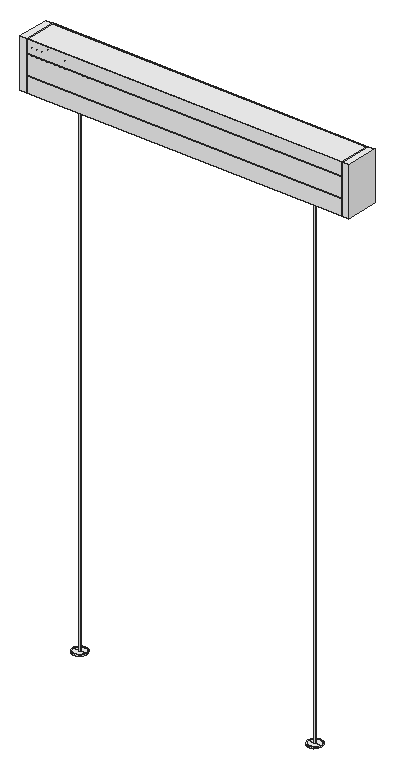
Revit family "2.3 inch  MAGIC WALL WASH LINEAR LIGHT", category Lighting Fixtures, host Face, Revit 2020 (continued)
Types (17): name | Wattage Comments | Wattage | Wall Mount | Suspenders Distance | Surface Mount | Recessed Mount | Photometric Web File | Pendent Mount | Order number | built-in parameter 1150142 | Model | built-in parameter 1150105 | Lumens | Light Source Height | Light Source Distance | built-in parameter 1150106 | Fixture Length
    1.30   \r\n 938.62   926.04   913.42   900.83   888.35   876.37   864.53   852.78   841.41   830.14   \r\n 819.06   808.41   797.83   787.39   777.13   766.95   756.92   747.08   737.30   727.84   \r\n 718.70   709.63   700.52   691.34   681.99   671.53   661.38   651.29   641.29   631.40   \r\n 621.61   611.88   602.18   592.58   583.18   574.22   565.32   556.50   547.71   539.00   \r\n 530.35   521.79   513.31   504.91   496.57   488.25   480.00   471.82   464.20   456.65   \r\n 449.17   441.56   433.83   426.17   418.58   410.89   402.70   394.58   386.51   378.41   \r\n 370.38   362.42   354.54   346.72   338.96   331.28   323.68   316.17   308.72   301.32   \r\n 293.99   286.76   279.60   272.50   265.46   258.50   251.62   244.79   238.00   231.27   \r\n 224.53   217.79   211.11   204.48   197.90   191.38   184.96   178.62   172.31   166.03   \r\n 159.79   153.58   147.40   141.22   135.07   128.96   122.89   116.84   110.83   104.85   \r\n 98.89    93.70    89.14    84.60    80.07    75.56    71.06    66.57    62.10    57.64    \r\n 53.18    48.74    44.31    39.88    35.46    31.04    26.63    22.22    17.81    13.40    \r\n 9.00     8.57     8.15     7.72     7.29     6.87     6.44     6.01     5.59     5.17     \r\n 4.74     4.32     3.90     3.48     3.07     2.66     2.25     1.84     1.43     1.03     \r\n 0.83     0.87     0.91     0.95     0.98     1.02     1.06     1.10     1.14     1.18     \r\n 1.22     1.26     1.30     1.34     1.38     1.42     1.46     1.51     1.55     1.59     \r\n 1.63     1.68     1.72     1.77     1.81     1.86     1.90     1.94     1.99     2.03     \r\n 2.08     2.12     2.17     2.22     2.27     2.32     2.37     2.42     2.47     2.51     \r\n 2.56     2.60     2.65     2.70     2.75     2.79     2.84     2.89     2.93     2.98     \r\n 3.02     3.06     3.11     3.15     3.20     3.24     3.29     3.33     3.37     3.41     \r\n 3.46     3.50     3.54     3.58     3.63     3.67     3.71     3.75     3.79     3.83     \r\n 3.87     3.90     3.94     3.98     4.02     4.06     4.09     4.12     4.14     4.16     \r\n 4.18     4.20     4.22     4.24     4.26     4.28     4.30     4.32     4.33     4.35     \r\n 4.36     4.38     4.39     4.40     4.42     4.43     4.45     4.46     4.47     4.49     \r\n 4.50     4.52     4.53     4.54     4.56     4.57     4.58     4.59     4.61     4.62     \r\n 4.63     4.64     4.65     4.66     4.67     4.67     4.67     4.66     4.66     4.65     \r\n 4.64     4.64     4.63     4.62     4.61     4.60     4.59     4.58     4.57     4.56     \r\n 4.55     4.54     4.53     4.52     4.50     4.49     4.47     4.46     4.45     4.44     \r\n 4.42     4.41     4.39     4.37     4.35     4.34     4.32     4.31     4.29     4.26     \r\n 4.24     4.23     4.21     4.20     4.18     4.16     4.13     4.10     4.07     4.05     \r\n 4.26     \r\n1793.11  1780.58  1768.10  1755.09  1741.65  1728.26  1714.93  1701.59  1688.22  1674.87  \r\n 1661.48  1647.83  1634.16  1619.92  1605.57  1591.06  1576.19  1561.39  1546.00  1530.57  \r\n 1515.10  1499.55  1484.07  1468.03  1452.05  1436.17  1420.32  1404.45  1388.13  1371.88  \r\n 1355.44  1338.85  1322.29  1305.64  1289.01  1272.86  1256.99  1241.15  1225.34  1209.58  \r\n 1194.54  1179.83  1165.07  1150.21  1135.42  1121.40  1107.76  1094.15  1080.57  1066.99  \r\n 1054.44  1039.77  1024.86  1009.61  994.49   980.22   966.58   953.04   939.35   925.76   \r\n 912.59   899.87   887.22   874.79   862.48   850.45   838.94   827.50   816.26   805.14   \r\n 794.11   783.39   772.75   762.41   752.46   742.58   732.67   722.77   712.95   703.42   \r\n 693.99   684.74   675.70   666.71   657.69   648.69   639.73   631.38   623.16   615.00   \r\n 606.86   597.86   588.36   578.89   569.51   560.26   551.14   542.09   533.35   524.91   \r\n 516.53   508.00   499.37   490.81   482.62   474.67   466.79   458.86   450.89   443.02   \r\n 435.29   427.72   420.20   412.73   405.35   398.03   390.79   383.64   376.55   369.53   \r\n 362.72   355.36   347.72   340.10   332.40   324.76   317.20   309.85   302.68   295.57   \r\n 288.52   281.38   274.26   267.21   260.23   253.40   246.66   239.98   233.37   226.83   \r\n 220.37   213.96   207.62   201.34   194.97   188.59   182.28   176.02   169.82   163.68   \r\n 157.59   151.56   145.58   139.64   133.75   127.94   122.18   116.44   110.73   105.04   \r\n 99.38    93.74    88.12    83.09    78.70    74.32    69.96    65.62    61.29    56.97    \r\n 52.66    48.37    44.08    39.81    35.54    31.27    27.01    22.76    18.51    14.25    \r\n 10.00    9.46     8.92     8.38     7.84     7.30     6.76     6.22     5.69     5.15     \r\n 4.62     4.09     3.56     3.03     2.51     1.99     1.48     0.97     0.75     0.79     \r\n 0.82     0.86     0.90     0.93     0.97     1.01     1.04     1.08     1.12     1.16     \r\n 1.20     1.24     1.28     1.32     1.37     1.41     1.45     1.49     1.54     1.58     \r\n 1.63     1.67     1.71     1.76     1.80     1.85     1.89     1.94     1.98     2.03     \r\n 2.08     2.12     2.17     2.22     2.27     2.32     2.38     2.43     2.48     2.52     \r\n 2.57     2.61     2.66     2.70     2.75     2.80     2.85     2.89     2.94     2.99     \r\n 3.04     3.09     3.13     3.18     3.22     3.27     3.32     3.36     3.41     3.45     \r\n 3.50     3.54     3.59     3.63     3.68     3.72     3.77     3.81     3.86     3.90     \r\n 3.93     3.96     3.99     4.02     4.05     4.07     4.10     4.12     4.14     4.17     \r\n 4.20     4.22     4.25     4.27     4.29     4.30     4.33     4.35     4.37     4.39     \r\n 4.41     4.43     4.44     4.46     4.47     4.49     4.50     4.52     4.53     4.55     \r\n 4.56     4.57     4.59     4.60     4.61     4.63     4.64     4.66     4.67     4.68     \r\n 4.69     4.69     4.69     4.69     4.69     4.69     4.69     4.69     4.68     4.68     \r\n 4.67     4.66     4.66     4.65     4.64     4.63     4.62     4.61     4.60     4.59     \r\n 4.58     4.57     4.55     4.54     4.53     4.52     4.50     4.48     4.47     4.46     \r\n 4.45     4.43     4.41     4.40     4.38     4.36     4.34     4.32     4.31     4.28     \r\n 4.26     4.24     4.22     4.20     4.19     4.17     4.14     4.11     4.08     4.05     \r\n 4.26     \r\n1793.11  1780.02  1766.97  1753.21  1739.14  1725.13  1711.18  1697.21  1683.17  1669.17  \r\n 1654.96  1640.66  1625.96  1610.83  1595.65  1579.94  1564.28  1548.08  1531.78  1515.39  \r\n 1498.93  1482.39  1465.34  1448.36  1431.59  1414.86  1397.76  1380.40  1363.03  1345.39  \r\n 1327.79  1310.16  1292.53  1275.33  1258.47  1241.62  1224.76  1207.95  1192.30  1176.78  \r\n 1161.00  1145.03  1129.37  1114.82  1100.28  1085.88  1071.49  1057.80  1044.91  1032.03  \r\n 1018.85  1005.65  993.42   981.55   969.62   957.55   945.51   932.89   919.47   906.13   \r\n 892.89   879.89   867.62   855.43   843.44   831.56   819.86   808.43   797.07   786.35   \r\n 775.74   765.19   754.67   744.20   733.77   723.42   713.47   703.83   694.23   684.56   \r\n 674.92   665.65   656.67   647.75   638.95   630.18   621.42   612.67   603.96   595.48   \r\n 587.06   578.85   570.97   563.15   555.11   547.03   539.06   531.56   524.12   515.60   \r\n 506.73   497.93   489.61   481.42   473.26   465.03   456.86   448.79   440.81   432.91   \r\n 425.15   417.55   410.02   402.51   395.02   387.59   380.49   373.53   366.64   359.58   \r\n 352.52   345.52   338.69   331.97   325.31   318.72   312.21   305.63   298.39   291.36   \r\n 284.37   277.41   270.21   263.09   256.06   249.15   242.38   235.72   229.15   222.70   \r\n 216.30   209.97   203.70   197.53   191.45   185.43   179.48   173.60   167.73   161.77   \r\n 155.86   149.99   144.20   138.47   132.78   127.15   121.56   116.01   110.49   105.02   \r\n 99.59    94.20    88.85    83.53    78.25    73.26    69.02    64.79    60.58    56.39    \r\n 52.21    48.04    43.89    39.75    35.61    31.49    27.37    23.25    19.14    15.03    \r\n 10.92    10.24    9.55     8.87     8.18     7.50     6.82     6.14     5.46     4.78     \r\n 4.11     3.45     2.79     2.13     1.48     0.83     0.69     0.72     0.76     0.79     \r\n 0.83     0.86     0.90     0.94     0.97     1.01     1.04     1.08     1.12     1.16     \r\n 1.20     1.23     1.27     1.31     1.35     1.40     1.44     1.48     1.52     1.56     \r\n 1.61     1.65     1.70     1.74     1.79     1.83     1.88     1.93     1.98     2.02     \r\n 2.08     2.13     2.18     2.23     2.27     2.32     2.36     2.41     2.46     2.51     \r\n 2.55     2.60     2.65     2.70     2.76     2.81     2.86     2.92     2.97     3.02     \r\n 3.06     3.11     3.16     3.20     3.25     3.30     3.35     3.40     3.45     3.50     \r\n 3.55     3.60     3.64     3.68     3.72     3.75     3.78     3.81     3.85     3.88     \r\n 3.92     3.95     3.98     4.01     4.04     4.07     4.10     4.13     4.16     4.18     \r\n 4.21     4.23     4.26     4.28     4.31     4.33     4.36     4.39     4.41     4.42     \r\n 4.44     4.47     4.49     4.51     4.54     4.55     4.56     4.57     4.59     4.60     \r\n 4.62     4.63     4.64     4.66     4.67     4.67     4.68     4.68     4.69     4.69     \r\n 4.70     4.70     4.70     4.70     4.70     4.70     4.71     4.70     4.70     4.70     \r\n 4.69     4.69     4.68     4.67     4.67     4.66     4.65     4.64     4.62     4.61     \r\n 4.60     4.59     4.58     4.57     4.55     4.54     4.53     4.51     4.49     4.47     \r\n 4.46     4.45     4.43     4.42     4.40     4.37     4.35     4.34     4.32     4.30     \r\n 4.27     4.25     4.23     4.21     4.20     4.18     4.15     4.11     4.08     4.05     \r\n 4.26     \r\n1793.11  1779.55  1766.04  1751.65  1737.05  1722.54  1708.06  1693.54  1678.95  1664.35  \r\n 1649.53  1634.70  1618.93  1603.18  1586.91  1570.52  1553.77  1536.71  1519.60  1502.33  \r\n 1485.02  1467.09  1449.21  1431.69  1414.20  1396.14  1377.85  1359.47  1340.96  1322.47  \r\n 1303.99  1285.55  1267.83  1250.13  1232.38  1214.65  1197.85  1181.68  1165.20  1148.23  \r\n 1131.52  1116.19  1100.88  1085.81  1070.75  1056.56  1042.85  1029.14  1015.37  1001.79  \r\n 989.19   976.61   963.85   951.08   938.96   927.16   915.42   903.74   892.19   881.36   \r\n 870.56   859.93   849.34   839.02   828.87   818.49   807.28   796.11   785.09   774.11   \r\n 762.95   751.79   741.10   730.97   720.86   710.67   700.51   690.78   681.19   671.72   \r\n 662.39   653.09   643.75   634.46   625.38   616.38   607.59   599.10   590.65   582.06   \r\n 573.51   565.18   557.00   548.81   540.47   532.17   524.42   516.82   509.18   501.45   \r\n 493.76   486.18   478.65   471.22   463.89   456.61   449.38   442.19   434.80   427.09   \r\n 419.44   411.62   403.81   396.10   388.55   381.07   373.67   366.34   359.06   351.97   \r\n 344.97   338.02   331.02   324.06   317.13   310.24   303.38   296.73   290.23   283.79   \r\n 277.36   270.97   264.65   258.49   252.44   245.84   239.22   232.69   226.22   219.82   \r\n 213.45   207.16   200.94   194.75   188.62   182.53   176.48   170.48   164.53   158.63   \r\n 152.84   147.22   141.66   136.14   130.65   125.24   119.89   114.59   109.33   104.12   \r\n 98.94    93.82    88.74    83.72    78.74    73.80    68.91    64.05    59.88    55.78    \r\n 51.71    47.65    43.61    39.59    35.58    31.59    27.60    23.62    19.65    15.68    \r\n 11.71    10.83    9.95     9.08     8.20     7.33     6.46     5.59     4.73     3.87     \r\n 3.03     2.18     1.35     0.60     0.63     0.66     0.69     0.72     0.76     0.79     \r\n 0.83     0.86     0.90     0.93     0.97     1.00     1.03     1.07     1.11     1.15     \r\n 1.18     1.22     1.26     1.30     1.34     1.38     1.42     1.46     1.50     1.55     \r\n 1.59     1.63     1.68     1.73     1.78     1.82     1.87     1.92     1.96     2.01     \r\n 2.06     2.11     2.15     2.20     2.25     2.30     2.36     2.41     2.46     2.51     \r\n 2.56     2.62     2.67     2.72     2.77     2.82     2.87     2.93     2.98     3.03     \r\n 3.09     3.14     3.20     3.24     3.29     3.33     3.37     3.42     3.45     3.49     \r\n 3.52     3.56     3.61     3.65     3.68     3.72     3.75     3.79     3.83     3.86     \r\n 3.90     3.93     3.97     4.01     4.04     4.08     4.11     4.14     4.17     4.20     \r\n 4.23     4.26     4.28     4.31     4.33     4.36     4.38     4.41     4.43     4.46     \r\n 4.49     4.52     4.53     4.54     4.57     4.59     4.61     4.63     4.64     4.64     \r\n 4.64     4.65     4.66     4.67     4.68     4.68     4.69     4.69     4.70     4.70     \r\n 4.70     4.71     4.71     4.71     4.72     4.72     4.72     4.72     4.72     4.71     \r\n 4.71     4.70     4.70     4.69     4.68     4.68     4.67     4.66     4.65     4.63     \r\n 4.62     4.61     4.60     4.59     4.57     4.56     4.55     4.53     4.51     4.49     \r\n 4.47     4.46     4.45     4.43     4.41     4.39     4.37     4.35     4.33     4.31     \r\n 4.29     4.26     4.24     4.22     4.20     4.18     4.16     4.12     4.08     4.05     \r\n 4.26     \r\n1793.11  1779.19  1765.31  1750.42  1735.40  1720.50  1705.62  1690.63  1675.61  1660.49  \r\n 1645.25  1629.61  1613.30  1596.86  1579.85  1562.81  1545.13  1527.48  1509.56  1491.66  \r\n 1473.11  1454.47  1436.22  1418.12  1399.44  1380.37  1361.23  1341.97  1322.75  1303.58  \r\n 1284.54  1266.13  1247.73  1229.22  1210.73  1193.84  1177.15  1159.61  1141.82  1125.13  \r\n 1109.18  1093.40  1077.82  1062.59  1048.16  1033.80  1019.58  1005.36  992.16   978.98   \r\n 965.65   952.30   939.63   927.26   915.04   902.93   891.10   879.75   868.45   857.29   \r\n 846.19   835.65   825.11   814.93   804.82   795.00   785.29   775.40   765.36   755.66   \r\n 746.63   737.61   728.52   719.43   710.71   702.03   693.58   684.04   674.28   664.52   \r\n 654.88   645.41   636.03   627.02   618.04   609.11   600.19   591.36   582.59   573.79   \r\n 564.94   556.25   548.15   540.08   531.86   523.65   515.53   507.47   499.51   491.67   \r\n 483.86   476.04   468.26   460.79   453.44   446.06   438.63   431.25   424.02   416.84   \r\n 409.78   402.77   395.80   388.85   381.95   375.26   368.62   362.01   355.44   348.69   \r\n 341.52   334.38   327.17   319.97   312.84   305.93   299.07   292.24   285.48   278.79   \r\n 272.29   265.84   259.47   253.20   246.98   240.76   234.58   228.48   222.62   216.82   \r\n 211.09   205.36   199.72   193.58   187.37   181.23   175.15   169.10   163.13   157.24   \r\n 151.50   145.88   140.33   134.85   129.41   124.03   118.72   113.49   108.38   103.29   \r\n 98.27    93.31    88.39    83.53    78.73    73.99    69.30    64.67    60.09    55.55    \r\n 51.28    47.31    43.37    39.45    35.55    31.66    27.79    23.93    20.08    16.23    \r\n 12.39    11.24    10.08    8.93     7.79     6.64     5.51     4.38     3.27     2.17     \r\n 1.08     0.58     0.60     0.63     0.66     0.68     0.71     0.74     0.77     0.80     \r\n 0.83     0.86     0.89     0.93     0.96     0.99     1.03     1.06     1.10     1.13     \r\n 1.17     1.21     1.24     1.28     1.32     1.36     1.41     1.45     1.49     1.54     \r\n 1.58     1.63     1.67     1.72     1.76     1.81     1.86     1.91     1.96     2.01     \r\n 2.06     2.11     2.16     2.21     2.26     2.32     2.37     2.42     2.47     2.52     \r\n 2.58     2.64     2.68     2.73     2.77     2.82     2.87     2.91     2.96     3.01     \r\n 3.05     3.10     3.14     3.18     3.23     3.27     3.32     3.37     3.41     3.46     \r\n 3.50     3.55     3.60     3.64     3.67     3.71     3.75     3.80     3.83     3.87     \r\n 3.90     3.94     3.97     4.01     4.05     4.08     4.12     4.16     4.20     4.23     \r\n 4.26     4.29     4.32     4.34     4.37     4.40     4.42     4.44     4.46     4.48     \r\n 4.50     4.52     4.54     4.56     4.58     4.59     4.60     4.62     4.64     4.66     \r\n 4.67     4.67     4.67     4.68     4.69     4.69     4.70     4.70     4.71     4.71     \r\n 4.71     4.72     4.72     4.72     4.73     4.73     4.73     4.73     4.73     4.73     \r\n 4.72     4.72     4.71     4.70     4.70     4.69     4.68     4.68     4.67     4.66     \r\n 4.64     4.63     4.62     4.60     4.59   
